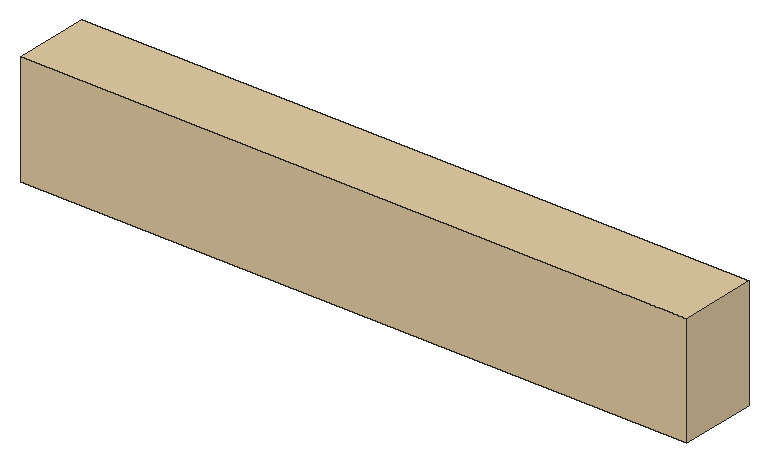
Revit family "HEADER", category Structural Framing, Revit 2020
Family settings
  Structural Framing Length Roundoff = 0' - 0"
  Section Shape = Not Defined
  Material for Model Behavior = Wood
  Always export as geometry = No
  OmniClass Number = 23.25.30.11.14.14
  OmniClass Title = Beams
  Always vertical = Yes
  Cut with Voids When Loaded = No
  Symbolic Representation = From Project Settings
  Shared = No
  Show family pre-cut in plan views = Yes
Parameters (values of type "6x8")
  Structural Material [instance] = Softwood, Lumber
  A = 25.38 in²
  Assembly Code = "B10"
  Length [instance] = 5' - 0"
  b = 0' - 5 1/2"
  d = 0' - 8"
Types (5): name | b | d
  6x8 | 0' - 5 1/2" | 0' - 8"
  4x10 | 0' - 3 1/2" | 0' - 9 1/4"
  4x8 | 0' - 3 1/2" | 0' - 8"
  6x9 | 0' - 5 1/2" | 0' - 8 1/4"
  6x10 | 0' - 5 1/2" | 0' - 7 1/4"
Reference planes (in)
  plane 1 "Center (Front/Back)": y = 0
  plane 2: z = 0
  plane 3 "Center (Left/Right)": x = 0.1815
  plane 4 "Member Left": x = -23.8185
  plane 5 "Member Right": x = 24.1815
  plane 6: y = 2.75
  plane 7: y = -2.75
  plane 8: z = 4
  plane 9: z = -4
  plane 10 "Left": x = -29.8185
  plane 11 "Stick Symbol Left": x = -17.8185
  plane 12 "Stick Symbol Right": x = 18.1815
  plane 13 "Right": x = 30.1815
Forms (in)
  Sweep 1, solid, material "Softwood, Lumber" <- "Structural Material", detail levels medium+fine
    path origin (0, 0, 0) x (1, 0, 0) y (0, 1, 0)
      loop
        line (24.1815, 0) -> (-23.8185, 0)
    profile "Rectangular Wood Beam-Profile : Rectangular Wood Beam-Profile" origin (0.1815, 0, 0) x (0, -1, 0) y (0, 0, 1)
      loop
        line (-2.75, -4) -> (2.75, -4) -> (2.75, 4) -> (-2.75, 4) -> (-2.75, -4)
Lines and regions (in)
  symbolic lines, style "Stick Symbols", detail levels coarse
    curve 1: line (0.1815, 2.75, 4) -> (0.1815, -2.75, 4)
    curve 2: line (0.1815, -2.75, -4) -> (0.1815, 2.75, -4)
    curve 3: line (0.1815, -2.75, 4) -> (0.1815, -2.75, -4)
    curve 4: line (0.1815, 2.75, -4) -> (0.1815, 2.75, 4)
Dimensions and locks (in)
  "b": plane 6 to plane 7
  "d": plane 9 to plane 8
  equal spacing: plane 9, plane 2, plane 8
  equal spacing: plane 6, plane 1 "Center (Front/Back)", plane 7
  "Length": plane 10 "Left" to plane 13 "Right"
  aligned and locked: Sweep 1 sketch curve to plane 1 "Center (Front/Back)"
  aligned and locked: curve 1 to Sweep 1
  aligned and locked: curve 2 to Sweep 1
  aligned and locked: curve 3 to Sweep 1
  aligned and locked: curve 4 to Sweep 1
  aligned and locked: plane 4 "Member Left" to Sweep 1 sketch curve
  aligned and locked: plane 5 "Member Right" to Sweep 1 sketch curve
